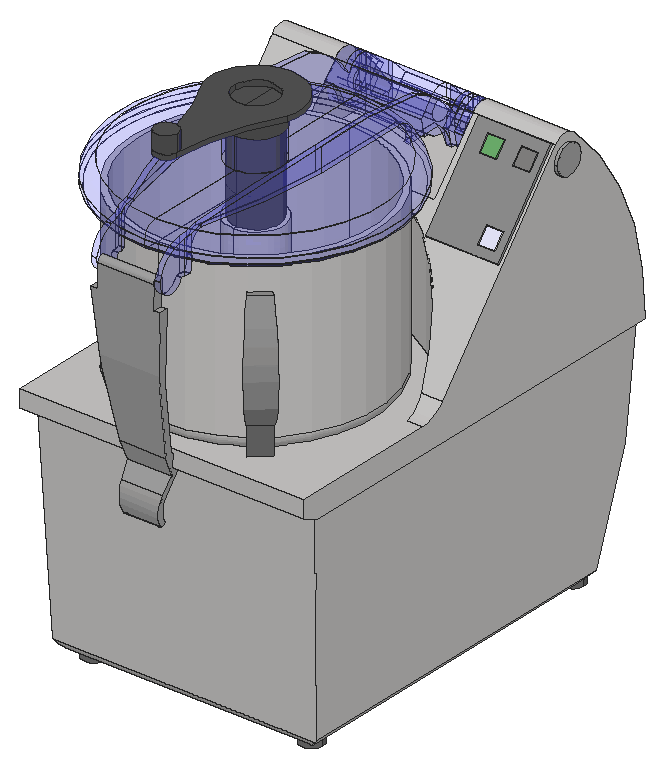
Revit family "QF_ELECTROLUXPROFESSIONAL_600546_K55YVVIG", category Specialty Equipment, Revit 2018
Family settings
  Round Connector Dimension = Use Diameter
  Part Type = Normal
  Work Plane-Based = No
  Always vertical = Yes
  Cut with Voids When Loaded = No
  Shared = No
  Room Calculation Point = No
Parameters (values of type "Standard")
  Weight = 22.00 kg
  Watts = 0 W
  Volts = 200 V
  URL Manufacturer = "http://professional.electrolux.com"
  URL = "http://professional.electrolux.com"
  Steam Supply Size = 0 mm
  Steam Supply Minimum Pressure = 0.0 Pa
  Steam Supply Maximum Pressure = 0.0 Pa
  Steam Pounds per Hour = 0
  Refrigeration Suction Line Size = 0.0 mm
  Refrigeration Liquid Line Size = 0.0 mm
  Refrigerant Compressor Remote = yes
  Manufacturer = "Electrolux Professional"
  Phase = 1
  Model = "K55YVVIG"
  Length Actual = 256.0 mm  # constant formula
  Item Number = "600546"
  Hot Water Size = 0 mm
  Height Actual = 482.0 mm  # constant formula
  HP = "1.7 HP"
  Gas Size = 0 mm
  Gas KW = 0
  Gas Input Pressure = 0 W
  Direct Waste Size = 0 mm
  Description = "CUTTER-MIXER 5.5L-MICROTOOTHED BLADE-VARIAB.SPEED-1300W-200-240V/1N/50-60- CB APPROVED, UK PLUG SASO"
  Depth Actual = 415.0 mm  # constant formula
  Cycle = 50 Hz
  Condensate Return Size = 0 mm
  Compressed Air Volume = 0.0 L/s
  Compressed Air Size = 0 mm
  Compressed Air Pressure = 0.0 Pa
  Cold Water Size = 0 mm
  Accessory = yes
Reference planes
  plane 1 "Center (Front/Back)": y = 0
  plane 2: z = 0
  plane 3 "Center (Left/Right)": x = 0
  plane 4 "BASE": z = 6
  plane 5 "TOP": z = 685
  plane 6 "FRONT": y = -207.5
  plane 7 "BACK": y = 207.5
  plane 8 "LEFT": x = -128
  plane 9 "RIGHT": x = 128
  plane 10 "CenterX": x = -10
  plane 11 "Maniglia": through (-10, -59.177, 4000) normal (0.766, 0.6428, 0)
  plane 12 "Panel": through (4267.2, 107.252, 388.448) normal (0, 0.766, -0.6428)
  plane 13: z = 470
Forms (mm)
  Extrusion 1, solid, material "QF_Finishes_Stainless Steel"
    sketch origin (0, 0, 0) x (0, 1, 0) y (0, 0, 1)
      loop
        arc (155.897, 6) -> (160.37, 10.596) -> (163.359, 16.27) r 22.417
        arc (163.359, 16.27) -> (192.273, 107.896) -> (201.98, 203.483) r 470.678
        line (201.98, 203.483) -> (-161.42, 203.483)
        arc (-161.42, 203.483) -> (-159.547, 108.877) -> (-151.391, 14.604) r 1423.016
        arc (-151.391, 14.604) -> (-146.603, 8.365) -> (-139.103, 6) r 13.076
        line (-139.103, 6) -> (155.897, 6)
    from -128 to 128
  Extrusion 2, void
    sketch origin (0, -207.5, 0) x (-1, 0, 0) y (0, 0, 1)
      loop
        line (128, 203.483) -> (125, 203.483) -> (119.389, 16.27) -> (109.119, 6) -> (128, 6) -> (128, 203.483)
      loop
        line (-128, 203.483) -> (-128, 6) -> (-109.119, 6) -> (-119.389, 16.27) -> (-125, 203.483) -> (-128, 203.483)
    from 14.374 to 435.947
  Extrusion 3, solid, material "QF_Finishes_Stainless Steel"
    sketch origin (0, 0, 0) x (0, 1, 0) y (0, 0, 1)
      loop
        arc (207.5, 203.483) -> (187.745, 305.45) -> (127.203, 389.844) r 242.898
        arc (127.203, 389.844) -> (116.931, 393.38) -> (107.252, 388.448) r 13.902
        line (107.252, 388.448) -> (-20.106, 236.67)
        arc (-20.106, 236.67) -> (-30.264, 228.875) -> (-42.764, 226.104) r 29.578
        line (-42.764, 226.104) -> (-177.764, 226.104) -> (-177.764, 211.104) -> (-161.42, 203.483) -> (207.5, 203.483)
    from -128 to 128
  Extrusion 4, void
    sketch origin (0, -207.5, 0) x (-1, 0, 0) y (0, 0, 1)
      loop
        line (-53.607, 393.414) -> (-53.607, 336.684) -> (71.073, 336.684) -> (71.073, 393.414) -> (-53.607, 393.414)
    from 255.469 to 415
  Revolve 5, solid, material "QF_Plastic-Black"
    sketch origin (-10, 0, 0) x (0, -1, 0) y (0, 0, 1)
      loop
        line (59.177, 450.527) -> (28.516, 450.527) -> (35.424, 443.619) -> (35.424, 430.527) -> (38.194, 430.527) -> (38.194, 356.104) -> (59.177, 356.104) -> (59.177, 450.527)
      axis (59.177, 356.104) -> (59.177, 450.527)
    angle from 0 to 360
  Extrusion 6, solid, material "QF_Plastic-Black"
    sketch origin (0, 0, 0) x (1, 0, 0) y (0, 1, 0)
      loop
        arc (-48.167, -71.147) -> (-28.951, -114.517) -> (-19.956, -161.093) r 210.055
        arc (-19.956, -161.093) -> (-10, -170.155) -> (-0.044, -161.093) r 10
        arc (-0.044, -161.093) -> (8.951, -114.517) -> (28.167, -71.147) r 210.055
        arc (28.167, -71.147) -> (-10, -19.177) -> (-48.167, -71.147) r 40
    from 450.5 to 455
  Extrusion 7, solid, material "QF_Plastic-Black"
    sketch origin (0, 0, 0) x (1, 0, 0) y (0, 1, 0)
      loop
        circle (-10, -160.155) r 10
    from 455 to 470
  Extrusion 8, void
    sketch origin (0, 0, 0) x (1, 0, 0) y (0, 1, 0)
      loop
        circle (-10, -59.177) r 19
    from 427.6 to 472.8
  Extrusion 9, void
    sketch origin (0, 0, 0) x (1, 0, 0) y (0, 1, 0)
      loop
        arc (115, -59.177) -> (-10, 65.823) -> (-135, -59.177) r 125
        line (-135, -59.177) -> (115, -59.177)
    from 226.104 to 336.684
  Extrusion 10, void
    sketch origin (-20, 0, 0) x (-1, 0, 0) y (0, -1, 0)
      loop
        line (16.15, 177.864) -> (16.15, -123.86) -> (35.771, -123.86) -> (35.771, 48.192)
        arc (35.771, 48.192) -> (30.047, 105.502) -> (17.781, 161.776) r 500.876
        line (17.781, 161.776) -> (17.781, 171.776) -> (16.15, 177.864)
      loop
        line (40.771, -123.86) -> (45.852, -123.86) -> (45.852, 210.681) -> (21.15, 210.681) -> (21.15, 178.522) -> (22.781, 172.434) -> (22.781, 162.459)
        arc (22.781, 162.459) -> (35.047, 105.893) -> (40.771, 48.297) r 505.876
        line (40.771, 48.297) -> (40.771, -123.86)
    from 350.345 to 477.521
  Extrusion 11, solid, material "Glass"
    sketch origin (-20, 0, 0) x (0, 1, 0) y (0, 0, -1)
      loop
        line (-173.064, -369.647) -> (-181.303, -369.647)
        arc (-181.303, -369.647) -> (-196.341, -361.818) -> (-205.451, -376.117) r 12.548
        arc (-205.451, -376.117) -> (-199.87, -388.651) -> (-189.058, -397.099) r 28.357
        arc (-189.058, -397.099) -> (-65.868, -423.241) -> (59.99, -418.888) r 518.061
        arc (59.99, -418.888) -> (85.116, -404.522) -> (104.437, -382.973) r 90.696
        arc (104.437, -382.973) -> (113.885, -392.821) -> (127.203, -389.844) r 13.902
        arc (127.203, -389.844) -> (135.322, -382.188) -> (143.082, -374.167) r 242.898
        line (143.082, -374.167) -> (137.378, -368.464)
        arc (137.378, -368.464) -> (123.613, -353.84) -> (104.088, -358.543) r 20
        line (104.088, -358.543) -> (99.34, -358.543)
        arc (99.34, -358.543) -> (94.194, -371.609) -> (85.823, -382.884) r 53.446
        line (85.823, -382.884) -> (50.823, -382.884)
        arc (50.823, -382.884) -> (52.796, -383.701) -> (53.614, -385.674) r 2.79
        line (53.614, -385.674) -> (53.614, -390.892)
        arc (53.614, -390.892) -> (50.154, -399.244) -> (41.802, -402.703) r 11.812
        line (41.802, -402.703) -> (-160.307, -402.703)
        arc (-160.307, -402.703) -> (-168.659, -399.244) -> (-172.119, -390.892) r 11.812
        line (-172.119, -390.892) -> (-172.119, -385.826)
        arc (-172.119, -385.826) -> (-171.728, -384.361) -> (-170.659, -383.285) r 2.942
        line (-170.659, -383.285) -> (-173.064, -369.647)
      loop
        circle (117.901, -373.007) r 9.416
    from 16.15 to 45.852
  Extrusion 12, solid, material "Glass"
    sketch origin (0, 0, 0) x (0, 1, 0) y (0, 0, 1)
      loop
        line (137.378, 368.464) -> (143.082, 374.167)
        arc (143.082, 374.167) -> (135.322, 382.188) -> (127.203, 389.844) r 242.898
        arc (127.203, 389.844) -> (116.931, 393.38) -> (107.252, 388.448) r 13.902
        line (107.252, 388.448) -> (95.766, 374.76)
        arc (95.766, 374.76) -> (97.862, 366.72) -> (99.34, 358.543) r 108.872
        line (99.34, 358.543) -> (104.088, 358.543)
        arc (104.088, 358.543) -> (123.613, 353.84) -> (137.378, 368.464) r 20
      loop
        circle (117.901, 373.007) r 9.416
    from -71.073 to 53.607
  Extrusion 13, solid, material "QF_Finishes_Gray"
    sketch origin (0, 0, 0) x (0, 1, 0) y (0, 0, 1)
      loop
        arc (-182.273, 168.111) -> (-185.377, 178.111) -> (-182.273, 188.111) r 17.658
        line (-182.273, 188.111) -> (-169.592, 207.294) -> (-177.764, 211.104) -> (-177.764, 222.201) -> (-180.378, 224.815)
        arc (-180.378, 224.815) -> (-194.973, 298.318) -> (-196.805, 373.235) r 437.299
        arc (-196.805, 373.235) -> (-201.296, 377.726) -> (-205.788, 373.235) r 4.491
        arc (-205.788, 373.235) -> (-201.07, 296.739) -> (-185.461, 221.705) r 534.528
        line (-185.461, 221.705) -> (-177.764, 203.503) -> (-186.394, 190.943)
        arc (-186.394, 190.943) -> (-190.377, 178.111) -> (-186.394, 165.28) r 22.658
        arc (-186.394, 165.28) -> (-182.917, 164.635) -> (-182.273, 168.111) r 2.5
    from -49.646 to 27.326
  Extrusion 14, void
    sketch origin (0, -207.5, 0) x (-1, 0, 0) y (0, 0, 1)
      loop
        line (-15.15, 396.938) -> (-47.326, 396.938) -> (-47.326, 161.938) -> (-5.366, 161.938) -> (-20.516, 351.652) -> (-15.15, 351.652) -> (-15.15, 396.938)
      loop
        line (26.963, 161.938) -> (77.918, 161.938) -> (77.918, 396.938) -> (35.15, 396.938) -> (35.15, 351.652) -> (42.113, 351.652) -> (26.963, 161.938)
    from 46.08 to -69.339
  Extrusion 15, solid, material "Glass"
    sketch origin (0, 0, 0) x (0, 1, 0) y (0, 0, 1)
      loop
        line (-173.064, 369.647) -> (-170.659, 383.285)
        arc (-170.659, 383.285) -> (-171.728, 384.361) -> (-172.119, 385.826) r 2.942
        line (-172.119, 385.826) -> (-172.119, 390.892)
        arc (-172.119, 390.892) -> (-168.659, 399.244) -> (-160.307, 402.703) r 11.812
        line (-160.307, 402.703) -> (41.802, 402.703)
        arc (41.802, 402.703) -> (50.154, 399.244) -> (53.614, 390.892) r 11.812
        line (53.614, 390.892) -> (53.614, 385.674)
        arc (53.614, 385.674) -> (52.796, 383.701) -> (50.823, 382.884) r 2.79
        line (50.823, 382.884) -> (85.823, 382.884)
        arc (85.823, 382.884) -> (94.194, 371.609) -> (99.34, 358.543) r 53.446
        line (99.34, 358.543) -> (104.088, 358.543)
        arc (104.088, 358.543) -> (123.613, 353.84) -> (137.378, 368.464) r 20
        line (137.378, 368.464) -> (143.082, 374.167)
        arc (143.082, 374.167) -> (135.322, 382.188) -> (127.203, 389.844) r 242.898
        arc (127.203, 389.844) -> (113.885, 392.821) -> (104.437, 382.973) r 13.902
        arc (104.437, 382.973) -> (85.116, 404.522) -> (59.99, 418.888) r 90.696
        arc (59.99, 418.888) -> (-65.868, 423.241) -> (-189.058, 397.099) r 518.061
        arc (-189.058, 397.099) -> (-199.87, 388.651) -> (-205.451, 376.117) r 28.357
        arc (-205.451, 376.117) -> (-196.341, 361.818) -> (-181.303, 369.647) r 12.548
        line (-181.303, 369.647) -> (-173.064, 369.647)
      loop
        circle (117.901, 373.007) r 9.416
    from 16.15 to 45.852
  Extrusion 16, void
    sketch origin (0, 0, 0) x (1, 0, 0) y (0, 1, 0)
      loop
        line (16.15, -177.864) -> (17.781, -171.776) -> (17.781, -161.776)
        arc (17.781, -161.776) -> (30.047, -105.502) -> (35.771, -48.192) r 500.876
        line (35.771, -48.192) -> (35.771, 123.86) -> (16.15, 123.86) -> (16.15, -177.864)
      loop
        line (40.771, 123.86) -> (40.771, -48.297)
        arc (40.771, -48.297) -> (35.047, -105.893) -> (22.781, -162.459) r 505.876
        line (22.781, -162.459) -> (22.781, -172.434) -> (21.15, -178.522) -> (21.15, -210.681) -> (45.852, -210.681) -> (45.852, 123.86) -> (40.771, 123.86)
    from 350.345 to 477.521
  Revolve 17, solid, material "Glass"
    sketch origin (-10, 0, -40) x (0, -1, 0) y (0, 0, 1)
      loop
        line (38.194, 422.884) -> (38.194, 470.527) -> (35.424, 470.527) -> (35.424, 442.703) -> (-53.802, 442.703)
        arc (-53.802, 442.703) -> (-62.213, 439.268) -> (-65.732, 430.892) r 11.871
        line (-65.732, 430.892) -> (-65.732, 425.793)
        arc (-65.732, 425.793) -> (-64.88, 423.736) -> (-62.823, 422.884) r 2.909
        line (-62.823, 422.884) -> (38.194, 422.884)
      axis (59.177, 422.884) -> (59.177, 470.527)
    angle from 0 to 360
  Revolve 18, solid, material "QF_Metal-Stainless-Polished"
    sketch origin (-10, 0, 0) x (0, -1, 0) y (0, 0, 1)
      loop
        line (169.177, 382.884) -> (164.177, 382.884) -> (164.177, 237.884)
        arc (164.177, 237.884) -> (162.191, 233.09) -> (157.397, 231.104) r 6.78
        line (157.397, 231.104) -> (84.177, 231.104) -> (84.177, 356.104) -> (79.177, 356.104) -> (79.177, 226.104) -> (157.397, 226.104)
        arc (157.397, 226.104) -> (165.726, 229.554) -> (169.177, 237.884) r 11.78
        line (169.177, 237.884) -> (169.177, 382.884)
      axis (59.177, 382.884) -> (59.177, 226.104)
    angle from 0 to 360
  Extrusion 19, solid, material "QF_Plastic-Gray-Matte"
    sketch origin (-49.423, -13.925, 0) x (0.634002, 0.773331, 0) y (-0.773331, 0.634002, 0)
      loop
        line (-55.497, -222.333) -> (-26.468, -227.794) -> (-20.635, -161.119)
        arc (-20.635, -161.119) -> (-28.727, -159.898) -> (-36.729, -158.185) r 133.529
        line (-36.729, -158.185) -> (-55.497, -222.333)
    from 226.104 to 356.104
  Revolve 20, void
    sketch origin (-35.007, -29.374, 0) x (-0.642788, 0.766044, 0) y (0, 0, 1)
      loop
        arc (-155.215, 337.579) -> (-171.344, 302.579) -> (-155.215, 267.579) r 46.04
        line (-155.215, 267.579) -> (-147.754, 267.579) -> (-147.754, 337.579) -> (-155.215, 337.579)
      loop
        line (-155.215, 356.104) -> (-147.754, 356.104) -> (-147.754, 361.761) -> (-215.215, 361.761) -> (-215.215, 226.104) -> (-147.754, 226.104) -> (-147.754, 256.485) -> (-163.93, 256.485)
        arc (-163.93, 256.485) -> (-184.453, 308.471) -> (-155.215, 356.104) r 62.537
      axis (10, 361.761) -> (10, 226.104)
    angle from -8.217 to 8.652
  Extrusion 21, solid, material "QF_Finishes_Rubber Black"
    sketch origin (0, 0, 0) x (1, 0, 0) y (0, 1, 0)
      loop
        arc (57.446, -154.071) -> (64.931, -148.135) -> (72.061, -141.775) r 165.215
        line (72.061, -141.775) -> (66.401, -136.116)
        arc (66.401, -136.116) -> (59.824, -141.977) -> (52.928, -147.46) r 157.215
        line (52.928, -147.46) -> (57.446, -154.071)
    from 226.104 to 256.485
  Extrusion 22, solid, material "QF_Plastic-Gray-Matte"
    sketch origin (0, -128.336, 107.686) x (0, 0.642788, 0.766044) y (1, 0, 0)
      loop
        line (366.07, 59.066) -> (366.07, 124.8) -> (272.743, 124.8) -> (272.743, 59.066) -> (366.07, 59.066)
      loop
        line (356.63, 102.599) -> (356.63, 117.599) -> (341.63, 117.599) -> (341.63, 102.599) -> (356.63, 102.599)
      loop
        line (295.63, 102.599) -> (295.63, 117.599) -> (280.63, 117.599) -> (280.63, 102.599) -> (295.63, 102.599)
      loop
        line (356.63, 72.599) -> (356.63, 87.599) -> (341.63, 87.599) -> (341.63, 72.599) -> (356.63, 72.599)
    from -1 to 0.6
  Extrusion 23, solid, material "QF_Finishes_Red"
    sketch origin (0, -128.336, 107.686) x (0, 0.642788, 0.766044) y (1, 0, 0)
      loop
        line (356.63, 102.599) -> (356.63, 117.599) -> (341.63, 117.599) -> (341.63, 102.599) -> (356.63, 102.599)
    from -1 to 0.6
  Extrusion 24, solid, material "QF_Finishes_Green"
    sketch origin (-27.396, -127.834, 108.284) x (0, 0.642788, 0.766044) y (1, 0, 0)
      loop
        line (355.85, 99.994) -> (355.85, 114.994) -> (340.786, 114.994) -> (340.786, 99.994) -> (355.85, 99.994)
    from -1 to 0.6
  Extrusion 25, solid, material "QF_Plastic-White-Matte"
    sketch origin (0, -167.546, 60.958) x (0, 0.642788, 0.766044) y (1, 0, 0)
      loop
        line (356.63, 102.599) -> (356.63, 117.599) -> (341.63, 117.599) -> (341.63, 102.599) -> (356.63, 102.599)
    from -1 to 0.6
  Extrusion 26, solid, material "QF_Finishes_Stainless Steel"
    sketch origin (0, 207.5, 0) x (-1, 0, 0) y (0, 0, 1)
      loop
        circle (0, 202) r 10.353
    from -6.2 to 3
  Revolve 27, solid, material "QF_Door-Drawer Clearances", detail levels coarse
    sketch origin (-10, -221.856, 479.549) x (0, 0, 1) y (0, 1, 0)
      loop
        line (59.177, 490.527) -> (28.516, 490.527) -> (35.424, 483.619) -> (35.424, 470.527) -> (38.194, 470.527) -> (38.194, 442.703) -> (59.177, 442.703) -> (59.177, 490.527)
      axis (59.177, 442.703) -> (59.177, 490.527)
    angle from 0 to 360
  Extrusion 28, solid, material "QF_Door-Drawer Clearances", detail levels coarse
    sketch origin (0, -221.856, 479.549) x (1, 0, 0) y (0, 0, -1)
      loop
        arc (-48.167, -71.147) -> (-28.951, -114.517) -> (-19.956, -161.093) r 210.055
        arc (-19.956, -161.093) -> (-10, -170.155) -> (-0.044, -161.093) r 10
        arc (-0.044, -161.093) -> (8.951, -114.517) -> (28.167, -71.147) r 210.055
        arc (28.167, -71.147) -> (-10, -19.177) -> (-48.167, -71.147) r 40
    from 490.527 to 495.013
  Extrusion 29, solid, material "QF_Door-Drawer Clearances", detail levels coarse
    sketch origin (0, -221.856, 479.549) x (1, 0, 0) y (0, 0, -1)
      loop
        circle (-10, -160.155) r 10
    from 495.013 to 510.592
  Extrusion 30, void
    sketch origin (-20, -221.856, 479.359) x (-1, 0, 0) y (0, 0, 1)
      loop
        line (16.15, 177.864) -> (16.15, -123.86) -> (35.771, -123.86) -> (35.771, 48.192)
        arc (35.771, 48.192) -> (30.047, 105.502) -> (17.781, 161.776) r 500.876
        line (17.781, 161.776) -> (17.781, 171.776) -> (16.15, 177.864)
      loop
        line (40.771, -123.86) -> (45.852, -123.86) -> (45.852, 210.681) -> (21.15, 210.681) -> (21.15, 178.522) -> (22.781, 172.434) -> (22.781, 162.459)
        arc (22.781, 162.459) -> (35.047, 105.893) -> (40.771, 48.297) r 505.876
        line (40.771, 48.297) -> (40.771, -123.86)
    from 350.345 to 477.521
  Extrusion 31, solid, material "QF_Door-Drawer Clearances", detail levels coarse
    sketch origin (-20, -221.856, 479.359) x (0, 0, -1) y (0, -1, 0)
      loop
        line (-173.064, -409.647) -> (-181.303, -409.647)
        arc (-181.303, -409.647) -> (-196.341, -401.818) -> (-205.451, -416.117) r 12.548
        arc (-205.451, -416.117) -> (-199.87, -428.651) -> (-189.058, -437.099) r 28.357
        arc (-189.058, -437.099) -> (-65.868, -463.241) -> (59.99, -458.888) r 518.061
        arc (59.99, -458.888) -> (92.246, -438.11) -> (113.023, -405.855) r 90.696
        arc (113.023, -405.855) -> (114.903, -399.662) -> (115.972, -393.28) r 50.278
        arc (115.972, -393.28) -> (121.968, -392.806) -> (127.203, -389.844) r 13.902
        arc (127.203, -389.844) -> (129.309, -387.924) -> (131.393, -385.98) r 242.898
        arc (131.393, -385.98) -> (114.739, -373.307) -> (99.238, -359.247) r 242.898
        arc (99.238, -359.247) -> (87.934, -393.903) -> (65.823, -422.884) r 108.872
        line (65.823, -422.884) -> (50.823, -422.884)
        arc (50.823, -422.884) -> (52.796, -423.701) -> (53.614, -425.674) r 2.79
        line (53.614, -425.674) -> (53.614, -430.892)
        arc (53.614, -430.892) -> (50.154, -439.244) -> (41.802, -442.703) r 11.812
        line (41.802, -442.703) -> (-160.307, -442.703)
        arc (-160.307, -442.703) -> (-168.659, -439.244) -> (-172.119, -430.892) r 11.812
        line (-172.119, -430.892) -> (-172.119, -425.826)
        arc (-172.119, -425.826) -> (-171.728, -424.361) -> (-170.659, -423.285) r 2.942
        line (-170.659, -423.285) -> (-173.064, -409.647)
    from 16.15 to 45.852
  Extrusion 32, void
    sketch origin (0, -221.856, 479.359) x (1, 0, 0) y (0, 0, -1)
      loop
        line (16.15, -177.864) -> (17.781, -171.776) -> (17.781, -161.776)
        arc (17.781, -161.776) -> (30.047, -105.502) -> (35.771, -48.192) r 500.876
        line (35.771, -48.192) -> (35.771, 123.86) -> (16.15, 123.86) -> (16.15, -177.864)
      loop
        line (40.771, 123.86) -> (40.771, -48.297)
        arc (40.771, -48.297) -> (35.047, -105.893) -> (22.781, -162.459) r 505.876
        line (22.781, -162.459) -> (22.781, -172.434) -> (21.15, -178.522) -> (21.15, -210.681) -> (45.852, -210.681) -> (45.852, 123.86) -> (40.771, 123.86)
    from 350.345 to 477.521
  Extrusion 33, solid, material "QF_Door-Drawer Clearances", detail levels coarse
    sketch origin (0, -221.856, 479.359) x (0, 0, -1) y (0, 1, 0)
      loop
        line (-173.064, 409.647) -> (-170.659, 423.285)
        arc (-170.659, 423.285) -> (-171.728, 424.361) -> (-172.119, 425.826) r 2.942
        line (-172.119, 425.826) -> (-172.119, 430.892)
        arc (-172.119, 430.892) -> (-168.659, 439.244) -> (-160.307, 442.703) r 11.812
        line (-160.307, 442.703) -> (41.802, 442.703)
        arc (41.802, 442.703) -> (50.154, 439.244) -> (53.614, 430.892) r 11.812
        line (53.614, 430.892) -> (53.614, 425.674)
        arc (53.614, 425.674) -> (52.796, 423.701) -> (50.823, 422.884) r 2.79
        line (50.823, 422.884) -> (65.823, 422.884)
        arc (65.823, 422.884) -> (87.934, 393.903) -> (99.238, 359.247) r 108.872
        arc (99.238, 359.247) -> (114.739, 373.307) -> (131.393, 385.98) r 242.898
        arc (131.393, 385.98) -> (129.309, 387.924) -> (127.203, 389.844) r 242.898
        arc (127.203, 389.844) -> (121.968, 392.806) -> (115.972, 393.28) r 13.902
        arc (115.972, 393.28) -> (114.903, 399.662) -> (113.023, 405.855) r 50.278
        arc (113.023, 405.855) -> (92.246, 438.11) -> (59.99, 458.888) r 90.696
        arc (59.99, 458.888) -> (-65.868, 463.241) -> (-189.058, 437.099) r 518.061
        arc (-189.058, 437.099) -> (-199.87, 428.651) -> (-205.451, 416.117) r 28.357
        arc (-205.451, 416.117) -> (-196.341, 401.818) -> (-181.303, 409.647) r 12.548
        line (-181.303, 409.647) -> (-173.064, 409.647)
    from 16.15 to 45.852
  Revolve 34, solid, material "QF_Door-Drawer Clearances", detail levels coarse
    sketch origin (-10, -221.856, 479.549) x (0, 0, 1) y (0, 1, 0)
      loop
        line (38.194, 422.884) -> (38.194, 470.527) -> (35.424, 470.527) -> (35.424, 442.703) -> (-53.802, 442.703)
        arc (-53.802, 442.703) -> (-62.213, 439.268) -> (-65.732, 430.892) r 11.871
        line (-65.732, 430.892) -> (-65.732, 425.793)
        arc (-65.732, 425.793) -> (-64.88, 423.736) -> (-62.823, 422.884) r 2.909
        line (-62.823, 422.884) -> (38.194, 422.884)
      axis (59.177, 422.884) -> (59.177, 470.527)
    angle from 0 to 360
  Extrusion 35, solid, material "QF_Finishes_Rubber Black"
    sketch origin (0, 0, 0) x (1, 0, 0) y (0, 1, 0)
      loop
        circle (-98.592, 163.359) r 10
      loop
        circle (-98.592, -131.641) r 10
      loop
        circle (98.592, 163.359) r 10
      loop
        circle (98.592, -131.641) r 10
    from 0 to 6
  Extrusion 36, solid, material "QF_Finishes_Gray"
    sketch origin (0, 0, 0) x (0, 1, 0) y (0, 0, 1)
      loop
        circle (117.901, 373.007) r 13.005
    from 131.516 to 128
  Extrusion 37, solid, material "QF_Finishes_Gray"
    sketch origin (0, 0, 0) x (0, 1, 0) y (0, 0, -1)
      loop
        circle (117.901, -373.007) r 13.005
    from 131.516 to 128
Cuts and joins
  Extrusion 2, Extrusion 8, Extrusion 9 cuts Extrusion 1
  Extrusion 4, Extrusion 9 cuts Extrusion 3
  Extrusion 8 cuts Extrusion 6
  Extrusion 10, Extrusion 16, Extrusion 30, Extrusion 32 cuts Extrusion 11
  Extrusion 14, Extrusion 16, Extrusion 30 cuts Extrusion 13
  Extrusion 16, Extrusion 30, Extrusion 32 cuts Extrusion 12
  Extrusion 16 cuts Extrusion 15
  Revolve 20 cuts Extrusion 19
  Extrusion 30 cuts Revolve 17
  Extrusion 30 cuts Revolve 18
  Extrusion 30, Extrusion 32 cuts Extrusion 31
  Extrusion 32 cuts Extrusion 33
Lines and regions (mm)
  symbolic lines
    curve 1: arc (-10, -172.155, 0) -> (3.999, -171.284, 0) -> (17.781, -168.686, 0) r 112.979
    curve 2: arc (-10, -184.085, 0) -> (-23.148, -183.391, 0) -> (-36.15, -181.317, 0) r 124.909
    curve 3: line (128, -157.764, 0) -> (128, 187.57, 0)
    curve 4: line (124.8, 106.204, 0) -> (59.066, 106.204, 0)
    curve 5: line (102.599, 90.494, 0) -> (117.599, 90.494, 0)
    curve 6: line (117.599, 62.151, 0) -> (102.599, 62.151, 0)
    curve 7: line (102.599, 51.284, 0) -> (117.599, 51.284, 0)
    curve 8: line (102.599, 62.151, 0) -> (102.599, 51.284, 0)
    curve 9: line (117.599, 51.284, 0) -> (117.599, 62.151, 0)
    curve 10: line (117.599, 90.494, 0) -> (117.599, 101.361, 0)
    curve 11: line (102.599, 101.361, 0) -> (102.599, 90.494, 0)
    curve 12: arc (-0.044, -161.093, 0) -> (8.951, -114.517, 0) -> (28.167, -71.147, 0) r 210.055
    curve 13: arc (28.167, -71.147, 0) -> (-10, -19.177, 0) -> (-48.167, -71.147, 0) r 40
    curve 14: arc (-48.167, -71.147, 0) -> (-28.951, -114.517, 0) -> (-19.956, -161.093, 0) r 210.055
    curve 15: arc (-19.956, -161.093, 0) -> (-10, -170.155, 0) -> (-0.044, -161.093, 0) r 10
    curve 16: arc (0, -160.155, 0) -> (-10, -150.155, 0) -> (-20, -160.155, 0) r 10
    curve 17: arc (-55.771, -48.192, 0) -> (-50.047, -105.502, 0) -> (-37.781, -161.776, 0) r 500.876
    curve 18: arc (-42.781, -162.459, 0) -> (-55.047, -105.893, 0) -> (-60.771, -48.297, 0) r 505.876
    curve 19: line (-55.771, 123.86, 0) -> (-55.771, -48.192, 0)
    curve 20: line (-60.771, -48.297, 0) -> (-60.771, 123.86, 0)
    curve 21: line (40.771, 123.86, 0) -> (40.771, -48.297, 0)
    curve 22: line (35.771, -48.192, 0) -> (35.771, 123.86, 0)
    curve 23: arc (40.771, -48.297, 0) -> (35.047, -105.893, 0) -> (22.781, -162.459, 0) r 505.876
    curve 24: arc (17.781, -161.776, 0) -> (30.047, -105.502, 0) -> (35.771, -48.192, 0) r 500.876
    curve 25: line (22.781, -162.459, 0) -> (22.781, -172.434, 0)
    curve 26: line (17.781, -171.776, 0) -> (17.781, -161.776, 0)
    curve 27: line (16.15, -177.864, 0) -> (17.781, -171.776, 0)
    curve 28: line (22.781, -172.434, 0) -> (21.15, -178.522, 0)
    curve 29: line (21.15, -178.522, 0) -> (21.15, -205.641, 0)
    curve 30: line (-37.781, -161.776, 0) -> (-37.781, -171.776, 0)
    curve 31: line (-42.781, -172.434, 0) -> (-42.781, -162.459, 0)
    curve 32: line (-41.15, -178.522, 0) -> (-42.781, -172.434, 0)
    curve 33: line (-37.781, -171.776, 0) -> (-36.15, -177.864, 0)
    curve 34: line (-41.15, -205.641, 0) -> (-41.15, -178.522, 0)
    curve 35: spline (22.008, -197.61, 0) -> (21.937, -197.617, 0) -> (21.865, -197.622, 0) -> (21.794, -197.626, 0) -> (21.722, -197.627, 0) -> (21.651, -197.627, 0) -> (21.579, -197.625, 0) -> (21.508, -197.621, 0) -> (21.436, -197.615, 0) -> (21.365, -197.608, 0) -> (21.293, -197.598, 0) -> (21.222, -197.587, 0) -> (21.15, -197.574, 0)
    curve 36: line (-71.073, 171.51, 0) -> (53.607, 171.51, 0)
    curve 37: line (59.066, 46.214, 0) -> (124.8, 46.214, 0)
    curve 38: line (59.066, 106.204, 0) -> (59.066, 46.214, 0)
    curve 39: line (124.8, 46.214, 0) -> (124.8, 107.429, 0)
    curve 40: line (53.607, 48.324, 0) -> (53.607, 171.51, 0)
    curve 41: line (-71.073, 171.51, 0) -> (-71.073, 49.783, 0)
    curve 42: arc (40.771, 54.948, 0) -> (114.476, -69.566, 0) -> (21.15, -180.138, 0) r 124.909
    curve 43: arc (-60.771, 41.751, 0) -> (-122.562, -68.863, 0) -> (-42.781, -167.295, 0) r 112.979
    curve 44: line (93.154, -162.392, 0) -> (78.293, -147.531, 0)
    curve 45: line (93.154, -162.392, 0) -> (74.048, -178.424, 0)
    curve 46: line (74.048, -178.424, 0) -> (61.96, -161.274, 0)
    curve 47: arc (-37.781, -168.686, 0) -> (-23.999, -171.284, 0) -> (-10, -172.155, 0) r 112.979
    curve 48: arc (-41.15, -180.138, 0) -> (-94.625, -151.05, 0) -> (-128, -100.142, 0) r 124.909
    curve 49: arc (22.781, -167.295, 0) -> (102.562, -68.863, 0) -> (40.771, 41.751, 0) r 112.979
    curve 50: arc (16.15, -181.317, 0) -> (3.148, -183.391, 0) -> (-10, -184.085, 0) r 124.909
    curve 51: line (16.15, -205.242, 0) -> (16.15, -177.864, 0)
    curve 52: line (-36.15, -205.641, 0) -> (-36.15, -177.864, 0)
    curve 53: line (-41.15, -205.641, 0) -> (21.15, -205.641, 0)
    curve 54: line (22.008, -205.53, 0) -> (22.008, -197.61, 0)
    curve 55: line (22.008, -205.53, 0) -> (21.15, -205.53, 0)
    curve 56: spline (-42.008, -197.61, 0) -> (-41.937, -197.617, 0) -> (-41.865, -197.622, 0) -> (-41.794, -197.626, 0) -> (-41.722, -197.627, 0) -> (-41.651, -197.627, 0) -> (-41.579, -197.625, 0) -> (-41.508, -197.621, 0) -> (-41.436, -197.615, 0) -> (-41.365, -197.608, 0) -> (-41.293, -197.598, 0) -> (-41.222, -197.587, 0) -> (-41.15, -197.574, 0)
    curve 57: line (-42.008, -205.53, 0) -> (-42.008, -197.61, 0)
    curve 58: line (-42.008, -205.53, 0) -> (-41.15, -205.53, 0)
    curve 59: arc (-128, -18.211, 0) -> (-101.973, 25.34, 0) -> (-60.771, 54.948, 0) r 124.909
    curve 60: arc (-128, -100.142, 0) -> (-134.909, -59.177, 0) -> (-128, -18.211, 0) r 124.909
    curve 61: line (-108, -177.764, 0) -> (-49.233, -177.764, 0)
    curve 62: line (-128, 187.57, 0) -> (-128, -17.764, 0)
    curve 63: line (29.233, -177.764, 0) -> (108, -177.764, 0)
    curve 64: line (-128, -97.764, 0) -> (-128, -157.764, 0)
    curve 65: line (-108, 207.57, 0) -> (108, 207.57, 0)
    curve 66: arc (-128, -157.764, 0) -> (-122.142, -171.906, 0) -> (-108, -177.764, 0) r 20
    curve 67: arc (108, -177.764, 0) -> (122.142, -171.906, 0) -> (128, -157.764, 0) r 20
    curve 68: arc (128, 187.57, 0) -> (122.142, 201.713, 0) -> (108, 207.57, 0) r 20
    curve 69: arc (-108, 207.57, 0) -> (-122.142, 201.713, 0) -> (-128, 187.57, 0) r 20
    curve 70: line (45.852, 123.86, 0) -> (-71.073, 123.86, 0)
    curve 71: line (45.852, 137.378, 0) -> (-65.852, 137.378, 0)
    curve 72: line (45.852, 143.082, 0) -> (-65.852, 143.082, 0)
    curve 73: line (53.607, 123.86, 0) -> (45.852, 123.86, 0)
    curve 74: line (45.852, 123.86, 0) -> (45.852, 170.216, 0)
    curve 75: line (45.852, 170.216, 0) -> (-65.852, 170.216, 0)
    curve 76: line (-65.852, 170.216, 0) -> (-65.852, 123.86, 0)
    curve 77: line (102.599, 101.361, 0) -> (117.599, 101.361, 0)
    curve 78: line (72.599, 90.494, 0) -> (87.599, 90.494, 0)
    curve 79: line (87.599, 90.494, 0) -> (87.599, 101.361, 0)
    curve 80: line (72.599, 101.361, 0) -> (72.599, 90.494, 0)
    curve 81: line (72.599, 101.361, 0) -> (87.599, 101.361, 0)
Dimensions and locks
  plane 4 "BASE" to level = 6.0 mm
  plane 5 "TOP" to level = 685.0 mm  (x2)
  plane 8 "LEFT" to plane 3 "Center (Left/Right)" to plane 9 "RIGHT" = 128.0 mm, 128.0 mm
  plane 7 "BACK" to plane 1 "Center (Front/Back)" to plane 6 "FRONT" = 207.5 mm, 207.5 mm
  plane 7 "BACK" to plane 6 "FRONT" = 415.0 mm
  plane 8 "LEFT" to plane 9 "RIGHT" = 256.0 mm
  plane 10 "CenterX" to plane 3 "Center (Left/Right)" = 10.0 mm
  plane 13 to level = 470.0 mm
  aligned and locked: level to plane 2
  aligned and locked: Extrusion 22 sketch curve to Extrusion 23
Connectors
  electrical at (0, 210.5, 202)
    settings: on Extrusion 26, index 1, voltage 0 V, apparent load 0 VA, apparent load phase1 0 VA, apparent load phase2 0 VA, apparent load phase3 0 VA, power factor 1, load classification "Other", number of poles 1, system type 30, power factor state 1, is connector primary yes, connector utility no, sub classification motor no, connector description "Electrical connection"
